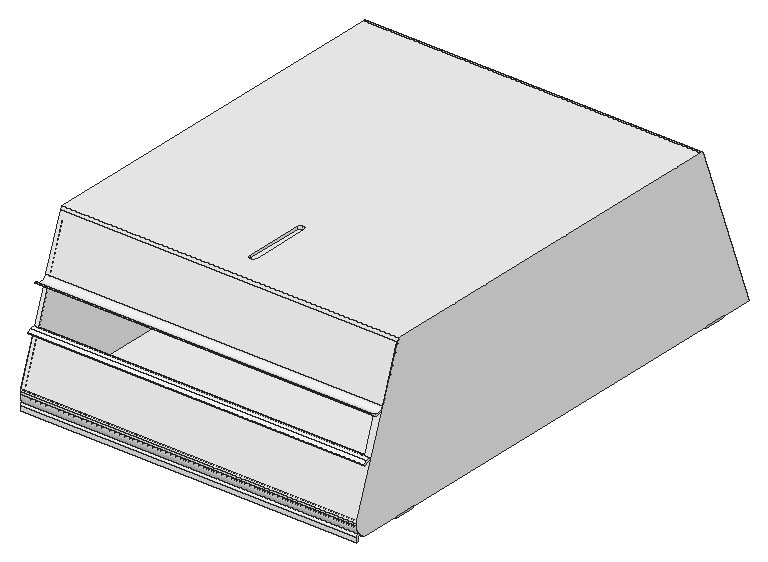
Revit family "NBS_DudleyIndustries_PprTwlDpnsrs_PlasmaRange_LargePaperTowelDispenser", category Specialty Equipment, host Face, Revit 2016
Family settings
  Host = Face
  Part Type = Normal
  Round Connector Dimension = Use Diameter
  OmniClass Number = 23.40.20.21.17
  OmniClass Title = Paper Towel Dispensers, Disposal Units
  Cut with Voids When Loaded = No
  Shared = No
  Room Calculation Point = No
Parameters (values of type "PlasmaRangeLargePaperTowelDispenser")
  WarrantyStartDate [instance] = "1900-12-31T23:59:59"
  WarrantyGuarantorParts = "sales@dudleyindustries.com"
  WarrantyGuarantorLabor = "n/a"
  WarrantyDurationUnit = "year"
  WarrantyDurationParts = "1"
  WarrantyDurationLabor = "n/a"
  WarrantyDescription = "1 year warranty"
  Version = "2"  # constant formula
  Uniclass2015Version = "Products v1.7"
  Uniclass2015Title = "Paper towel dispensers"
  Uniclass2015Code = "Pr_40_70_22_62"
  TowelsWidth = "250 mm max"
  TowelsTowelType = "C fold or multi-fold interleaved"
  TagNumber [instance] = "n/a"
  SustainabilityPerformance = "n/a"
  Style = "Paper Towel Dispenser"
  Size = "260 x 378 x 124 mm"
  Shape = "n/a"
  SerialNumber [instance] = "n/a"
  Revision = "n/a"
  ReplacementCost = "n/a"
  ProductInformation = "www.dudleyindustries.com/wp-content/uploads/2016/11/CMulti-fold-Large-Paper-Towel-Dispenser-1.pdf"
  Operation = "Manual"
  NominalWidth = 260 mm  # constant formula
  NominalLength = NominalWidth  # 260 mm
  NominalHeight = 378 mm  # constant formula
  NominalDepth = 124 mm  # constant formula
  Name = "PaperTowelDispensers_PlasmaRange_LargePaperTowelDispenser_DudleyIndustries"
  NBSTypeID = "n/a"
  NBSReference = "45-35-72/344"
  NBSOfficeMasterTag = "n/a"
  NBSNote = "n/a"
  NBSDescription = "Paper towel dispensers"
  NBSCertification = "www.nationalbimlibrary.com/cert/mk353luu"
  ModelReference = "Plasma Range: Large Paper Towel Dispenser"
  ModelNumber = "78805"
  MaterialsFinishColour = "Brushed (78805SS), Polished (78805PS), White Powder Coated (78805WH)"
  MaterialsBody = "304 Stainless steel"
  Material = "Stainless steel"
  ManufacturerURL = "www.dudleyindustries.com/"
  ManufacturerName = "Dudley Industries"  # constant formula
  Manufacturer = "sales@dudleyindustries.com"
  MainColor = "Stainless steel"
  IntegralAccessories = "n/a"
  InstallationDate [instance] = "1900-12-31T23:59:59"
  IfcExportType = "NOTDEFINED"  # constant formula
  IfcExportAs = "IfcFurnitureType"  # constant formula
  Grade = "304"
  Form = "Wall mounted"
  Finish = "Brushed (78805SS), Polished (78805PS), White Powder Coated (78805WH)"
  Features = "Robust stainless steel construction which protects paper from spoiling, excellent for demanding locations, locking mechanism, designed for either C fold or multi-fold interleaved paper hand towels"
  ExpectedLife = "5"
  EnvironmentalProductDeclaration = "n/a"
  DurationUnit = "year"
  DispenserLockMaterial = NBS_Concept
  DispenserCabinetMaterial = NBS_Concept
  Description = "Paper towel dispenser"
  Default Elevation = 1200 mm
  Constituents = "n/a"
  Color = "Stainless steel"
  CodePerformance = "n/a"
  Category = "Pr_40_70_22_62:Paper towel dispensers"
  BarCode [instance] = "n/a"
  BIMObjectName = "NBS_DudleyIndustries_PaperTowelDispensers_PlasmaRange_LargePaperTowelDispenser"
  Author = "NBS"  # constant formula
  AssetType = "Fixed"
  AssetIdentifier [instance] = "n/a"
  AccessibilityPerformance = "n/a"
Reference planes
  plane 1 "Center (Front/Back)": y = 0
  plane 2: z = 0
  plane 3 "Center (Left/Right)": x = 0
  plane 4: x = 130
  plane 5: x = -130
  plane 6: y = 189
  plane 7: y = -189
  plane 8: z = 124
  plane 9: through (-130, -170.828, 64.846) normal (0, -0.9397, 0.342)
  plane 10: through (-130, 168.072, 59.848) normal (0, -0.9397, -0.342)
  plane 11: through (-130, 151.534, 105.288) normal (0, 0.9397, 0.342)
  plane 12: through (-130, -150.828, 117.727) normal (0, -0.9397, 0.342)
  plane 13: z = 1.098
  plane 14: z = 124.098
  plane 15: z = 1.098
  plane 16: z = 1.098
  plane 17: through (-130, -149.79, 122.645) normal (0, 0.9397, -0.342)
  plane 18: through (-130, -147.143, 126.992) normal (0, 0.9397, -0.342)
  plane 19: through (-120, -149.335, 120.969) normal (0, 0.9419, -0.3359)
  plane 20: z = 119.698
  plane 21: z = 2.973
  plane 22: z = 79.161
  plane 23: z = 52.241
  plane 24: through (0, -175.333, 52.241) normal (0, -0.9397, 0.342)
  plane 25 "Lock": through (0, 147.757, 115.665) normal (0, 0.9397, 0.342)
Forms (mm)
  Extrusion 1, solid, material "NBS_Concept" <- "DispenserCabinetMaterial", detail levels coarse
    sketch origin (-130, 0, 0) x (0, 1, 0) y (0, 0, 1)
      loop
        line (-189, 14.919) -> (-189, 0) -> (189.855, 0) -> (144.723, 124) -> (-149.298, 124) -> (-189, 14.919)
    from 0 to 260
  Extrusion 2, solid, material "NBS_Concept" <- "DispenserCabinetMaterial", detail levels medium+fine
    sketch origin (-130, 0, 0) x (0, 1, 0) y (0, 0, 1)
      loop
        arc (145.134, 122.87) -> (144.451, 123.76) -> (143.381, 124.098) r 1.865
        line (143.381, 124.098) -> (-148.509, 124.098) -> (-188.393, 14.518)
        arc (-188.393, 14.518) -> (-187.188, 5.362) -> (-178.996, 1.098) r 10
        line (-178.996, 1.098) -> (189.456, 1.098) -> (145.134, 122.87)
    from 0 to 260
  Extrusion 3, solid, material "NBS_Concept" <- "DispenserCabinetMaterial", detail levels medium+fine
    sketch origin (-130, 0, 0) x (0, 1, 0) y (0, 0, 1)
      loop
        line (-189, 0) -> (-188, 0) -> (-188, 3.098)
        arc (-188, 3.098) -> (-187.736, 3.734) -> (-187.1, 3.998) r 0.9
        line (-187.1, 3.998) -> (-185.956, 3.998)
        arc (-185.956, 3.998) -> (-186.483, 4.446) -> (-186.913, 4.988) r 3.569
        arc (-186.913, 4.988) -> (-188.376, 4.506) -> (-189, 3.098) r 1.9
        line (-189, 3.098) -> (-189, 0)
    from 0 to 260
  Extrusion 4, solid, detail levels medium+fine
    sketch origin (-130, 0, 0) x (0, 1, 0) y (0, 0, 1)
      loop
        arc (-152.069, 1.098) -> (-151.305, 0.332) -> (-150.276, 0) r 2.303
        line (-150.276, 0) -> (-135.916, 0)
        arc (-135.916, 0) -> (-134.918, 0.382) -> (-134.123, 1.098) r 2.923
        line (-134.123, 1.098) -> (-152.069, 1.098)
      loop
        arc (147.931, 1.098) -> (148.695, 0.332) -> (149.724, 0) r 2.303
        line (149.724, 0) -> (164.084, 0)
        arc (164.084, 0) -> (165.082, 0.382) -> (165.877, 1.098) r 2.923
        line (165.877, 1.098) -> (147.931, 1.098)
    from 0 to 260
  Extrusion 5, solid, material "NBS_Concept" <- "DispenserCabinetMaterial", detail levels medium+fine
    sketch origin (-130, 0, 0) x (0, 1, 0) y (0, 0, 1)
      loop
        line (-174.08, 82.786) -> (-174.654, 81.967) -> (-172.196, 80.246)
        arc (-172.196, 80.246) -> (-166.951, 79.439) -> (-163.116, 83.108) r 6
        line (-163.116, 83.108) -> (-149.164, 121.439) -> (-150.105, 121.782) -> (-164.057, 83.451)
        arc (-164.057, 83.451) -> (-167.251, 80.392) -> (-171.623, 81.065) r 5
        line (-171.623, 81.065) -> (-174.08, 82.786)
      loop
        line (-181.617, 50.518) -> (-181.195, 49.612) -> (-178.476, 50.88)
        arc (-178.476, 50.88) -> (-176.793, 51.323) -> (-175.062, 51.151) r 4.9
        line (-175.062, 51.151) -> (-188.945, 13.008) -> (-188.945, 10.084) -> (-173.759, 51.806) -> (-174.717, 52.092)
        arc (-174.717, 52.092) -> (-176.836, 52.323) -> (-178.898, 51.786) r 5.9
        line (-178.898, 51.786) -> (-181.617, 50.518)
    from 0 to 260
  Extrusion 6, void
    sketch origin (-120, 0, 0) x (0, 1, 0) y (0, 0, 1)
      loop
        line (0, 119.698) -> (-149.789, 119.698) -> (-164.246, 79.161) -> (-165.535, 79.161) -> (-175.333, 52.241) -> (-173.976, 51.877) -> (-186.653, 16.332)
        arc (-186.653, 16.332) -> (-185.406, 7.21) -> (-177.234, 2.973) r 10
        line (-177.234, 2.973) -> (0, 2.973) -> (0, 119.698)
    from -7.461 to 245
  Extrusion 7, void, detail levels fine
    sketch origin (0, 0, 0) x (1, 0, 0) y (0, 1, 0)
      loop
        arc (-3.1, -125.773) -> (-0.1, -128.773) -> (2.9, -125.773) r 3
        line (2.9, -125.773) -> (2.9, -80.773)
        arc (2.9, -80.773) -> (-0.1, -77.773) -> (-3.1, -80.773) r 3
        line (-3.1, -80.773) -> (-3.1, -125.773)
    from 122.198 to 124
  Extrusion 8, solid, material "NBS_Concept" <- "DispenserLockMaterial", detail levels medium+fine
    sketch origin (0, 167.646, 61.018) x (0, -0.34202, 0.939693) y (1, 0, 0)
      loop
        circle (-29.018, 0.156) r 10
      loop
        circle (-29.018, 0.078) r 6.521
      loop
        line (-24.923, 1.229) -> (-34.654, 1.229) -> (-34.654, -1.03) -> (-24.923, -1.03) -> (-24.923, 1.229)
    from -1 to 0
Cuts and joins
  Extrusion 6, Extrusion 7 cuts Extrusion 1
  Extrusion 6, Extrusion 7 cuts Extrusion 2
Dimensions and locks
  "NominalDepth": plane 8 to plane 2
  "NominalWidth": plane 5 to plane 4
  "NominalHeight": plane 7 to plane 6
  aligned and locked: plane 2 to host face
  aligned and locked: level to host face
  aligned and locked: Extrusion 1 sketch curve to plane 9
  aligned and locked: Extrusion 1 sketch curve to plane 10
  aligned and locked: Extrusion 1 to plane 5
  aligned and locked: plane 4 to Extrusion 1
  aligned and locked: Extrusion 2 sketch curve to plane 11
  aligned and locked: Extrusion 2 sketch curve to plane 12
  aligned and locked: Extrusion 2 sketch curve to plane 13
  aligned and locked: Extrusion 2 sketch curve to plane 14
  aligned and locked: Extrusion 2 to plane 5
  aligned and locked: plane 4 to Extrusion 2
  aligned and locked: plane 4 to Extrusion 3
  aligned and locked: Extrusion 4 sketch curve to plane 15
  aligned and locked: Extrusion 4 to plane 5
  aligned and locked: Extrusion 4 sketch curve to plane 16
  aligned and locked: Extrusion 1 sketch curve to plane 7
  aligned and locked: Extrusion 5 sketch curve to plane 18
  aligned and locked: Extrusion 5 to plane 5
  aligned and locked: plane 4 to Extrusion 5
  aligned and locked: Extrusion 6 sketch curve to plane 20
  aligned and locked: Extrusion 6 sketch curve to plane 19
  aligned and locked: Extrusion 6 sketch curve to plane 21
  aligned and locked: Extrusion 6 sketch curve to plane 22
  aligned and locked: Extrusion 6 sketch curve to plane 24
  aligned and locked: plane 8 to Extrusion 7
Automatic sketch dimensions
  host sketch curve to host sketch curve = 505.965 mm
  host sketch curve to host sketch curve = 599.286 mm
  Extrusion 1 sketch curve to plane 8 = 0 mm
  Extrusion 1 sketch curve to level = 0 mm
  Extrusion 2 sketch curve to plane 7 = 10.004 mm
  Extrusion 2 sketch curve to plane 7 = 0.607 mm
  Extrusion 2 sketch curve to plane 8 = 1.767 mm
  Extrusion 2 sketch curve to plane 8 = 1.13 mm
  Extrusion 3 sketch curve to Extrusion 3 sketch curve = 0 mm  (x3)
  Extrusion 3 sketch curve to plane 7 = 0 mm
  Extrusion 3 sketch curve to level = 0 mm
  Extrusion 3 sketch curve to Extrusion 3 sketch curve = 1 mm
  Extrusion 3 sketch curve to Extrusion 3 sketch curve = 0.9 mm
  Extrusion 3 sketch curve to Extrusion 3 sketch curve = 1.144 mm
  Extrusion 3 sketch curve to Extrusion 3 sketch curve = 2.04 mm
  Extrusion 3 sketch curve to Extrusion 3 sketch curve = 3.098 mm
  Extrusion 3 sketch curve to Extrusion 3 sketch curve = 2.929 mm
  Extrusion 4 sketch curve to level = 0 mm  (x2)
  Extrusion 4 sketch curve to plane 7 = 36.931 mm
  Extrusion 4 sketch curve to Extrusion 4 sketch curve = 1.793 mm  (x2)
  plane 15 to Extrusion 4 sketch curve = 1.199 mm  (x2)
  plane 15 to Extrusion 4 sketch curve = 1.777 mm  (x2)
  Extrusion 4 sketch curve to Extrusion 4 sketch curve = 13.659 mm  (x2)
  Extrusion 4 sketch curve to Extrusion 4 sketch curve = 0.528 mm  (x2)
  plane 6 to Extrusion 4 sketch curve = 41.069 mm
  Extrusion 5 sketch curve to Extrusion 5 sketch curve = 0 mm  (x4)
  Extrusion 5 sketch curve to plane 7 = 0.055 mm
  Extrusion 5 sketch curve to plane 7 = 7.383 mm
  Extrusion 5 sketch curve to Extrusion 5 sketch curve = 0.423 mm  (x2)
  Extrusion 5 sketch curve to Extrusion 5 sketch curve = 2.719 mm
  Extrusion 5 sketch curve to Extrusion 5 sketch curve = 2.071 mm
  Extrusion 5 sketch curve to Extrusion 5 sketch curve = 3.414 mm
  Extrusion 5 sketch curve to Extrusion 5 sketch curve = 0.344 mm
  Extrusion 5 sketch curve to plane 7 = 14.346 mm
  Extrusion 5 sketch curve to Extrusion 5 sketch curve = 0.574 mm  (x2)
  Extrusion 5 sketch curve to Extrusion 5 sketch curve = 0.958 mm
  Extrusion 5 sketch curve to Extrusion 5 sketch curve = 2.457 mm
  Extrusion 5 sketch curve to Extrusion 5 sketch curve = 2.868 mm
  Extrusion 5 sketch curve to Extrusion 5 sketch curve = 4.698 mm
  Extrusion 5 sketch curve to plane 8 = 2.218 mm
  Extrusion 5 sketch curve to plane 7 = 38.895 mm
  Extrusion 5 sketch curve to Extrusion 5 sketch curve = 0.665 mm
  Extrusion 5 sketch curve to Extrusion 5 sketch curve = 0.819 mm
  Extrusion 5 sketch curve to Extrusion 5 sketch curve = 28.154 mm
  Extrusion 5 sketch curve to Extrusion 5 sketch curve = 0.286 mm
  Extrusion 5 sketch curve to Extrusion 5 sketch curve = 0.306 mm
  Extrusion 5 sketch curve to Extrusion 5 sketch curve = 0.941 mm
  level to Extrusion 5 sketch curve = 13.008 mm
  Extrusion 5 sketch curve to Extrusion 5 sketch curve = 2.924 mm
  Extrusion 5 sketch curve to Extrusion 5 sketch curve = 0.94 mm
  Extrusion 5 sketch curve to Extrusion 5 sketch curve = 0.001 mm
  plane 19 to Extrusion 6 sketch curve = 0 mm  (x2)
  Extrusion 6 sketch curve to plane 23 = 0 mm
  Extrusion 6 sketch curve to plane 23 = 0.364 mm
  Extrusion 6 sketch curve to plane 1 "Center (Front/Back)" = 0 mm
  Extrusion 6 sketch curve to plane 7 = 11.766 mm
  Extrusion 6 sketch curve to plane 7 = 2.347 mm
  Extrusion 7 sketch curve to plane 3 "Center (Left/Right)" = 3.1 mm
  Extrusion 7 sketch curve to plane 3 "Center (Left/Right)" = 0.1 mm
  Extrusion 7 sketch curve to plane 7 = 63.227 mm
  Extrusion 7 sketch curve to Extrusion 7 sketch curve = 45 mm
  plane 3 "Center (Left/Right)" to Extrusion 8 sketch curve = 1.229 mm
  plane 3 "Center (Left/Right)" to Extrusion 8 sketch curve = 0.078 mm
  Extrusion 8 sketch curve to Extrusion 8 sketch curve = 5.636 mm
  Extrusion 8 sketch curve to Extrusion 8 sketch curve = 0 mm
  Extrusion 8 sketch curve to Extrusion 8 sketch curve = 4.095 mm
  Extrusion 8 sketch curve to plane 3 "Center (Left/Right)" = 1.03 mm
  Extrusion 8 sketch curve to Extrusion 8 sketch curve = 0.078 mm
  radius of Extrusion 8 sketch curve = 10 mm
  radius of Extrusion 8 sketch curve = 6.521 mm
